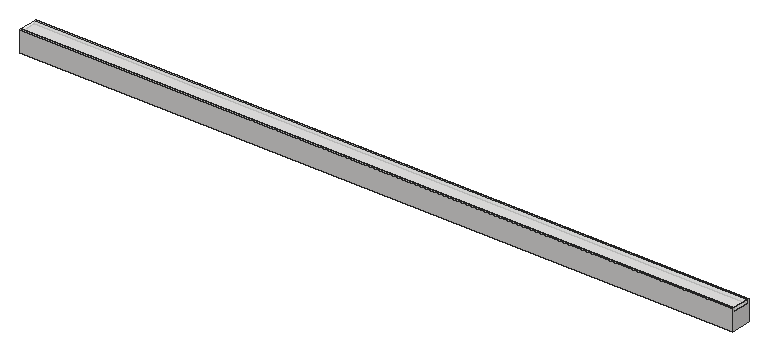
Revit family "Lighting-Luminii-Kurba_Large_Vertical", category Lighting Fixtures, host Face, Revit 2020
Family settings
  Host = Face
  Round Connector Dimension = Use Diameter
  Part Type = Normal
  OmniClass Number = 23.80.70.11.14.11
  OmniClass Title = Downlights
  Cut with Voids When Loaded = No
  Light Source = Yes
  Shared = Yes
  Room Calculation Point = No
Parameters (values of type "Kubra Large Vertical")
  Width = 83/128"  # constant formula
  Wattage Comments = "3.66 W/ft"
  Wattage = 3.66 W
  Warranty URL = "https://www.luminii.com/terms-conditions/"
  built-in parameter 1150110 = 1 (stored number, unit not read)
  Voltage Comments = "120VAC - 277VAC"  # constant formula
  Voltage = 120 V
  Version = "2020 - v1.0a"  # constant formula
  URL = "https://www.luminii.com/"
  built-in parameter 1114217 = 1 (stored number, unit not read)
  Tilt Angle = -90.00°  # constant formula
  built-in parameter 1150109 = 1 (stored number, unit not read)
  built-in parameter 1150134 = (empty or 0)
  built-in parameter 1150113 = 1 (stored number, unit not read)
  Support Phone = "224-699-9545"  # constant formula
  Support Email = "mailto:support@bimsmith.com"
  Product Page URL = "https://www.luminii.com/product/kurba-large-vertical/"
  Power Source Type = "Driver"  # constant formula
  Power Factor = 1
  Photometric Web File = "KBL-F-V-30K-24V.IES"
  Phase = 1
  Operating Temperature = "Consult Manufacturer Website for more Information"  # constant formula
  Number of Poles = if(and(or(Voltage = 120 V, Voltage = 277 V), Phase = 1), 1, if(and(or(Voltage = 208 V, Voltage = 240 V), Phase = 1), 2, if(and(or(Voltage = 208 V, Voltage = 240 V), Phase = 3), 3, if(and(Voltage > 300 V, Phase = 1), 2, if(and(Voltage > 400 V, Phase = 3), 3, 1)))))  # 1
  Mounting Method = "Mounting Options: Mounting Channel, Mounting Bracket"  # constant formula
  Model = "KBLF-F-V"  # constant formula
  Manufacturer Phone Number = "403-216-7043"  # constant formula
  Manufacturer Email = "mailto: info@sensolighting.com"
  Manufacturer Address = "302 50 Ave SE. Calgary, Alberta, T2G 2A9 Canada"  # constant formula
  Manufacturer = "Luminii"  # constant formula
  built-in parameter 1150105 = 177.99 (stored number, unit not read)
  Lumens = 177.986 lm
  Luminaire Type = "Flexible LED strip 24 VDC"  # constant formula
  built-in parameter 1150115 = 1 (stored number, unit not read)
  Load Classification = Lighting
  built-in parameter 1150137 = (empty or 0)
  built-in parameter 1150139 = (empty or 0)
  Lens Material = Plastic - Luminii - Frosted Lens
  Length [instance] = if(Desired Length < 12", 12", if(Desired Length > 216", 216", (round(Desired Length / 2")) * 2"))  # 24"
  built-in parameter 1150112 = 1 (stored number, unit not read)
  built-in parameter 1150114 = 1 (stored number, unit not read)
  Lamp Life = 1
  Lamp = "LED"  # constant formula
  Keynote = "26 50 00"
  built-in parameter 1150132 = (empty or 0)
  built-in parameter 1150102 = (empty or 0)
  built-in parameter 1150107 = 3000 (stored number, unit not read)
  Initial Color Comments = "Perfomance based on 3000K Photometric Web File"  # constant formula
  built-in parameter 1150138 = (empty or 0)
  built-in parameter 1150106 = 1.7799 (stored number, unit not read)
  Housing Protection Rating = "Consult Manufacturer Website for more Information"  # constant formula
  Height = 177/256"  # constant formula
  Has Dimming = 1 = 1  # yes
  Has Battery Backup = 0 = 1  # no
  Frequency Comments = ""  # constant formula
  Frequency = 60 Hz
  Finish = Metal - Luminii - Silver Anodized Aluminum
  Environment = "Outdoor Wet Location"  # constant formula
  Emit from Line Length = 48"
  built-in parameter 1150104 = 4.5179 (stored number, unit not read)
  Dimming Type = "Consult Manufacturer Website for more Information"  # constant formula
  Dimming Lamp Color Temperature Shift = <None>
  Desired Length [instance] = 24"
  Description = "Flexible LED strip 24 VDC"  # constant formula
  Default Elevation = 0"  # constant formula
  Current Amps = 50 A
  Copyright = "©2024 Luminii"  # constant formula
  Control Zone = "Consult Manufacturer Website for more Information"  # constant formula
  Control Type = "Consult Manufacturer Website for more Information"  # constant formula
  Color Filter = 16777215
  built-in parameter 1114216 [instance] = 0  # (empty or 0)
  built-in parameter 1140040 [instance] = 1 = 1  # 1
  CCT = "3000K"
  built-in parameter 1114218 = 1 (stored number, unit not read)
  built-in parameter 1150133 = 10 (stored number, unit not read)
  Assembly Code = "D5040.50"
  Apparent Load = Wattage / Power Factor  # 3.66 VA
Reference planes (in)
  plane 1 "Center (Front/Back)": y = 0
  plane 2: z = 0
  plane 3 "Center (Left/Right)": x = 0
  plane 4: x = 0
  plane 5: x = 0
  plane 6: y = 0.32422
  plane 7: y = -0.32422
  plane 8: x = -12
  plane 9: x = 12
  plane 10: z = 0
  plane 11: z = 0.69141
Forms (in)
  Extrusion 1, solid, material "Metal - Luminii - Silver Anodized Aluminum", not visible
    sketch origin (0, 0, -0.01563) x (1, 0, 0) y (0, 1, 0)
      loop
        circle (0, 0) r 0.03125
    from 0.01562 to 0.02575
Dimensions and locks (in)
  equal spacing: plane 4, plane 3 "Center (Left/Right)", plane 5
  equal spacing: plane 6, plane 1 "Center (Front/Back)", plane 7
  plane 4 to plane 5 = 0"
  "Width": plane 6 to plane 7
  equal spacing: plane 8, plane 3 "Center (Left/Right)", plane 9
  "Length": plane 8 to plane 9
  Extrusion 1 to plane 2 = 0.01013"
  plane 1 "Center (Front/Back)" to imposter light = 0"
  locked: plane 10 to plane 2
  locked: Extrusion 1 to plane 10 at 0.01013
  "Height": plane 11 to plane 10
  aligned and locked: plane 2 to host face
  aligned and locked: plane 3 "Center (Left/Right)" to Extrusion 1 sketch curve
  aligned and locked: imposter light to plane 3 "Center (Left/Right)"
  aligned and locked: plane 1 "Center (Front/Back)" to Extrusion 1 sketch curve
  aligned and locked: plane 10 to Extrusion 1
  aligned and locked: imposter light to plane 11
  aligned and locked: plane 1 "Center (Front/Back)" to imposter light
Automatic sketch dimensions
  host sketch curve to host sketch curve = 96"  (x2)
  radius of Extrusion 1 sketch curve = 1/32"
Nested families (in)
  nested 1: "Nested Lamp" at (0, 0, 0), type "Nested Lamp"
Connectors (in)
  electrical at (0, 0, 0), driven by "Number of Poles", driven by "Load Classification", driven by "Voltage", driven by "Apparent Load", driven by "Power Factor"
    settings: on Extrusion 1, index 1, voltage 120 V, apparent load 3.66 VA, apparent load phase1 0 VA, apparent load phase2 0 VA, apparent load phase3 0 VA, power factor 1, load classification "Lighting", number of poles 1, system type 30, power factor state 1, is connector primary yes, connector utility no, sub classification motor no, connector description "Power Connection"
Definition of nested family "Nested Lamp"
  Parameters (values of type "Nested Lamp")
    Width = 83/128"
    Lens = none
    Length = 24"
    Height = 177/256"
    Finish = none
    Default Elevation = 48"
  Reference planes (in)
    plane 1 "Center (Front/Back)": y = 0
    plane 2: z = 0
    plane 3 "Center (Left/Right)": x = 0
    plane 4: x = -11.92187
    plane 5: x = 11.92188
    plane 6: x = 12
    plane 7: x = -12
    plane 8: y = 0.32422
    plane 9: y = -0.32422
    plane 10: z = 0.69141
  Forms (in)
    Extrusion 1, solid
      sketch origin (0, 0, 0) x (1, 0, 0) y (0, 1, 0)
        loop
          line (-48, 48) -> (-48, -48) -> (48, -48) -> (48, 48) -> (-48, 48)
      from 0 to -12
    Sweep 2, solid, material <- "Lens"
      path origin (0, 0, 0) x (1, 0, 0) y (0, 1, 0)
        loop
          line (-11.92187, 0) -> (11.92188, 0)
      profile origin (0, 0, 0) x (0, 1, 0) y (0, 0, 1)
        loop
          line (0.29297, 0.57795) -> (0.29297, 0.69141) -> (-0.29297, 0.69141) -> (-0.29297, 0.57795) -> (0.29297, 0.57795)
    Sweep 3, solid, material <- "Finish"
      path origin (0, 0, 0) x (1, 0, 0) y (0, 1, 0)
        loop
          line (-11.92187, 0) -> (11.92188, 0)
      profile origin (0, 0, 0) x (0, 1, 0) y (0, 0, 1)
        loop
          line (0.32422, 0) -> (0.32422, 0.69141) -> (0.29297, 0.69141) -> (0.29297, 0.57795) -> (-0.29297, 0.57795) -> (-0.29297, 0.69141) -> (-0.32422, 0.69141) -> (-0.32422, 0) -> (0.32422, 0)
  Dimensions and locks (in)
    "Length": plane 7 to plane 6
    locked: plane 7 to plane 4 at 0.07813
    locked: plane 5 to plane 6 at 0.07813
    equal spacing: plane 7, plane 3 "Center (Left/Right)", plane 6
    "Height": plane 10 to plane 2
    equal spacing: plane 8, plane 1 "Center (Front/Back)", plane 9
    "Width": plane 8 to plane 9
    aligned and locked: plane 2 to Extrusion 1
    aligned and locked: level to Extrusion 1
    aligned and locked: plane 5 to Sweep 2 sketch curve
    aligned and locked: plane 4 to Sweep 2 sketch curve
    aligned and locked: plane 1 "Center (Front/Back)" to Sweep 2 sketch curve
  Automatic sketch dimensions
    Extrusion 1 sketch curve to Extrusion 1 sketch curve = 96"  (x2)
    plane 1 "Center (Front/Back)" to Sweep 3 sketch curve = 0"
    Sweep 3 sketch curve to plane 4 = 0"
    Sweep 3 sketch curve to plane 5 = 0"
    level to Sweep 2 sketch curve = 177/256"
    Sweep 2 sketch curve to profile plane = 75/256"
    profile plane to Sweep 2 sketch curve = 75/256"
    Sweep 2 sketch curve to Sweep 2 sketch curve = 0.11346"
    Sweep 3 sketch curve to level = 0"
    profile plane to Sweep 3 sketch curve = 83/256"
    Sweep 3 sketch curve to profile plane = 83/256"
    Sweep 3 sketch curve to Sweep 3 sketch curve = 0.57795"
    Sweep 3 sketch curve to Sweep 3 sketch curve = 1/32"  (x2)
    Sweep 3 sketch curve to Sweep 3 sketch curve = 0.11346"  (x2)
